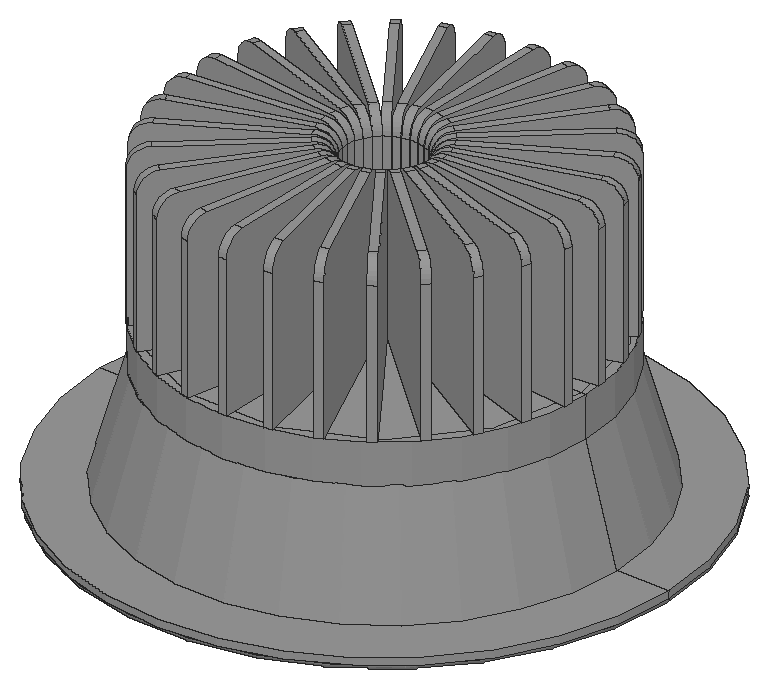
Revit family "WIL2_63_UN_Downlighter_ETK", category Lighting Fixtures, Revit 2017 (continued)
Definition of nested family "WIL.2 - Lightsource"
  Types (8, lengths in mm): name | Wattage Comments | Wattage | built-in parameter 1150134 | Photometric Web File | built-in parameter 1150142 | built-in parameter 1150105 | Lumens | built-in parameter 1150107 | built-in parameter 1150106 | Apparent Load
    WIL.2203.10 - LED 13W / 2020lm / 4000K | "13W" | 13.5989 W | 12 | "WIL.2203.10.ies" | "IESNA:LM-63-2002\r\n[TEST] /2017\r\n[TESTLAB] ies2eulumdat.appspot.com\r\n[ISSUEDATE] 2020-11-13T14:08:07.301\r\n[MANUFAC] www.etk.nl\r\n[LUMCAT] WIL.2203.10\r\n[LUMINAIRE] WIL.2 LED 13W 4000K helder wit DALI??145 IP43\r\n[LAMPCAT] LED\r\n[LAMP] LED\r\nTILT=NONE\r\n1\t1520\t1\t19\t72\t1\t2\t-0.088\t-0.088\t0.001\r\n1.0\t1.0\t13.00\r\n0\t 5\t 10\t 15\t 20\t 25\t 30\t 35\t 40\t 45\r\n50\t 55\t 60\t 65\t 70\t 75\t 80\t 85\t 90\r\n0\t 5\t 10\t 15\t 20\t 25\t 30\t 35\t 40\t 45\r\n50\t 55\t 60\t 65\t 70\t 75\t 80\t 85\t 90\t 95\r\n100\t 105\t 110\t 115\t 120\t 125\t 130\t 135\t 140\t 145\r\n150\t 155\t 160\t 165\t 170\t 175\t 180\t 185\t 190\t 195\r\n200\t 205\t 210\t 215\t 220\t 225\t 230\t 235\t 240\t 245\r\n250\t 255\t 260\t 265\t 270\t 275\t 280\t 285\t 290\t 295\r\n300\t 305\t 310\t 315\t 320\t 325\t 330\t 335\t 340\t 345\r\n350\t 355\r\n1328.8144\t1310.5744\t1254.5016\t1143.6936\t998.032\t907.1664\t741.6536\t619.2632\t490.5952\t218.88\r\n42.1192\t35.2336\t27.6032\t17.8904\t17.0392\t12.7224\t12.5856\t6.9616\t0.3496\r\n1328.8144\t1310.2248\t1253.1336\t1142.3256\t995.98\t904.7648\t742.6416\t620.2968\t492.3736\t224.352\r\n42.0888\t35.2336\t28.044\t18.7416\t17.5256\t12.7224\t13.0264\t7.4024\t0.3496\r\n1328.8144\t1309.8144\t1252.6624\t1141.3224\t995.6304\t902.6672\t743.6448\t623.96\t494.5624\t231.1008\r\n42.5752\t35.2184\t28.5\t18.7416\t17.4648\t13.0872\t12.1144\t7.4024\t0.3496\r\n1328.8144\t1310.2248\t1253.1944\t1140.7904\t994.7336\t903.4576\t745.484\t627.9576\t497.3592\t236.9984\r\n42.5296\t35.6896\t28.88\t19.1064\t17.0392\t13.148\t12.1144\t7.4024\t0.3496\r\n1328.8144\t1310.1184\t1252.3128\t1138.9056\t994.384\t903.412\t747.3992\t630.9216\t496.8728\t239.932\r\n42.9856\t35.644\t28.424\t18.6808\t17.5256\t13.0872\t13.0264\t7.8736\t0.3496\r\n1328.8144\t1309.8296\t1252.7688\t1139.4224\t993.5632\t904.5064\t750.6368\t633.8856\t497.4048\t243.6864\r\n42.9856\t36.5712\t28.804\t18.6808\t17.4648\t13.528\t12.9656\t7.4024\t0.3496\r\n1328.8144\t1310.164\t1252.8296\t1138.9056\t994.9768\t906.3608\t752.0808\t636.5152\t497.8608\t247.9576\r\n43.472\t36.5712\t29.7008\t19.532\t18.5136\t13.528\t13.0264\t7.8432\t0.3496\r\n1328.8144\t1310.2248\t1251.416\t1139.0728\t994.5208\t906.7256\t754.072\t637.6096\t499.2744\t254.2808\r\n43.928\t37.4528\t30.1568\t19.532\t18.4528\t13.528\t13.0264\t7.7824\t0.3496\r\n1328.8144\t1310.3008\t1250.504\t1138.556\t995.3264\t909.1576\t755.4552\t637.2904\t499.2744\t258.856\r\n44.384\t37.9088\t31.4336\t19.8968\t17.4648\t13.5128\t13.4368\t7.8432\t0.3496\r\n1328.8144\t1310.2704\t1250.58\t1138.556\t996.1776\t910.6472\t755.4552\t637.3512\t500.1712\t262.6712\r\n44.8704\t37.9088\t31.4336\t19.9576\t17.9664\t13.9536\t12.9656\t7.4024\t0.3496\r\n1328.8144\t1310.2248\t1250.1544\t1137.6136\t994.5816\t910.3128\t755.9112\t636.88\t502.3904\t268.1128\r\n45.2808\t38.7904\t31.8136\t19.8968\t18.392\t13.9536\t13.4672\t7.4024\t0.3496\r\n1328.8144\t1310.2248\t1249.212\t1137.0968\t993.7608\t911.4224\t757.2944\t638.8104\t504.6096\t274.0104\r\n45.2808\t39.2464\t32.2544\t20.3224\t18.4528\t14.364\t13.4216\t7.4024\t0.2584\r\n1328.8144\t1310.7568\t1249.6832\t1137.188\t994.5208\t913.1552\t759.62\t639.0688\t505.0656\t276.564\r\n46.2232\t39.292\t32.7104\t20.3224\t18.4528\t14.364\t13.8776\t7.8432\t0.3496\r\n1328.8144\t1310.7568\t1248.8016\t1136.656\t996.588\t912.8056\t760.4712\t639.844\t505.5064\t279.9536\r\n46.2232\t39.2464\t32.7104\t20.3224\t18.9392\t13.9536\t13.8776\t7.7824\t0.3496\r\n1328.8144\t1310.3008\t1247.4336\t1135.7288\t995.8128\t913.5504\t762.3256\t640.224\t505.0048\t282.4008\r\n46.2232\t40.1736\t33.1512\t20.748\t18.9392\t13.9536\t13.8776\t8.2536\t0.3496\r\n1328.8144\t1310.3312\t1247.844\t1135.7288\t995.4024\t915.6176\t762.8424\t638.704\t504.564\t285.7904\r\n46.6336\t39.7024\t33.5312\t20.6872\t18.9392\t13.9536\t13.8776\t8.2536\t0.3496\r\n1328.8144\t1311.988\t1247.4944\t1134.2848\t994.6424\t915.5568\t761.7936\t637.2296\t503.2264\t285.7296\r\n46.6336\t40.584\t33.0904\t20.748\t18.9392\t13.9536\t14.2728\t8.2536\t0.3496\r\n1328.8144\t1311.1064\t1245.64\t1131.8984\t994.6424\t916.6056\t761.3984\t636.1352\t503.1808\t286.5504\r\n46.6336\t40.1128\t33.5312\t20.748\t19.4256\t14.8048\t14.3184\t8.2536\t0.3496\r\n1328.8144\t1312.8696\t1245.2752\t1131.0472\t994.2928\t916.256\t759.9392\t635.4208\t502.3448\t286.1552\r\n47.576\t40.128\t33.0904\t21.1736\t19.4256\t14.8048\t14.2728\t8.2536\t0.3496\r\n1328.8144\t1311.1064\t1245.64\t1131.8984\t994.6424\t916.6056\t761.3984\t636.1352\t503.1808\t286.5504\r\n46.6336\t40.1128\t33.5312\t20.748\t19.4256\t14.8048\t14.3184\t8.2536\t0.3496\r\n1328.8144\t1311.988\t1247.4944\t1134.2848\t994.6424\t915.5568\t761.7936\t637.2296\t503.2264\t285.7296\r\n46.6336\t40.584\t33.0904\t20.748\t18.9392\t13.9536\t14.2728\t8.2536\t0.3496\r\n1328.8144\t1310.3312\t1247.844\t1135.7288\t995.4024\t915.6176\t762.8424\t638.704\t504.564\t285.7904\r\n46.6336\t39.7024\t33.5312\t20.6872\t18.9392\t13.9536\t13.8776\t8.2536\t0.3496\r\n1328.8144\t1310.3008\t1247.4336\t1135.7288\t995.8128\t913.5504\t762.3256\t640.224\t505.0048\t282.4008\r\n46.2232\t40.1736\t33.1512\t20.748\t18.9392\t13.9536\t13.8776\t8.2536\t0.3496\r\n1328.8144\t1310.7568\t1248.8016\t1136.656\t996.588\t912.8056\t760.4712\t639.844\t505.5064\t279.9536\r\n46.2232\t39.2464\t32.7104\t20.3224\t18.9392\t13.9536\t13.8776\t7.7824\t0.3496\r\n1328.8144\t1310.7568\t1249.6832\t1137.188\t994.5208\t913.1552\t759.62\t639.0688\t505.0656\t276.564\r\n46.2232\t39.292\t32.7104\t20.3224\t18.4528\t14.364\t13.8776\t7.8432\t0.3496\r\n1328.8144\t1310.2248\t1249.212\t1137.0968\t993.7608\t911.4224\t757.2944\t638.8104\t504.6096\t274.0104\r\n45.2808\t39.2464\t32.2544\t20.3224\t18.4528\t14.364\t13.4216\t7.4024\t0.2584\r\n1328.8144\t1310.2248\t1250.1544\t1137.6136\t994.5816\t910.3128\t755.9112\t636.88\t502.3904\t268.1128\r\n45.2808\t38.7904\t31.8136\t19.8968\t18.392\t13.9536\t13.4672\t7.4024\t0.3496\r\n1328.8144\t1310.2704\t1250.58\t1138.556\t996.1776\t910.6472\t755.4552\t637.3512\t500.1712\t262.6712\r\n44.8704\t37.9088\t31.4336\t19.9576\t17.9664\t13.9536\t12.9656\t7.4024\t0.3496\r\n1328.8144\t1310.3008\t1250.504\t1138.556\t995.3264\t909.1576\t755.4552\t637.2904\t499.2744\t258.856\r\n44.384\t37.9088\t31.4336\t19.8968\t17.4648\t13.5128\t13.4368\t7.8432\t0.3496\r\n1328.8144\t1310.2248\t1251.416\t1139.0728\t994.5208\t906.7256\t754.072\t637.6096\t499.2744\t254.2808\r\n43.928\t37.4528\t30.1568\t19.532\t18.4528\t13.528\t13.0264\t7.7824\t0.3496\r\n1328.8144\t1310.164\t1252.8296\t1138.9056\t994.9768\t906.3608\t752.0808\t636.5152\t497.8608\t247.9576\r\n43.472\t36.5712\t29.7008\t19.532\t18.5136\t13.528\t13.0264\t7.8432\t0.3496\r\n1328.8144\t1309.8296\t1252.7688\t1139.4224\t993.5632\t904.5064\t750.6368\t633.8856\t497.4048\t243.6864\r\n42.9856\t36.5712\t28.804\t18.6808\t17.4648\t13.528\t12.9656\t7.4024\t0.3496\r\n1328.8144\t1310.1184\t1252.3128\t1138.9056\t994.384\t903.412\t747.3992\t630.9216\t496.8728\t239.932\r\n42.9856\t35.644\t28.424\t18.6808\t17.5256\t13.0872\t13.0264\t7.8736\t0.3496\r\n1328.8144\t1310.2248\t1253.1944\t1140.7904\t994.7336\t903.4576\t745.484\t627.9576\t497.3592\t236.9984\r\n42.5296\t35.6896\t28.88\t19.1064\t17.0392\t13.148\t12.1144\t7.4024\t0.3496\r\n1328.8144\t1309.8144\t1252.6624\t1141.3224\t995.6304\t902.6672\t743.6448\t623.96\t494.5624\t231.1008\r\n42.5752\t35.2184\t28.5\t18.7416\t17.4648\t13.0872\t12.1144\t7.4024\t0.3496\r\n1328.8144\t1310.2248\t1253.1336\t1142.3256\t995.98\t904.7648\t742.6416\t620.2968\t492.3736\t224.352\r\n42.0888\t35.2336\t28.044\t18.7416\t17.5256\t12.7224\t13.0264\t7.4024\t0.3496\r\n1328.8144\t1310.5744\t1254.5016\t1143.6936\t998.032\t907.1664\t741.6536\t619.2632\t490.5952\t218.88\r\n42.1192\t35.2336\t27.6032\t17.8904\t17.0392\t12.7224\t12.5856\t6.9616\t0.3496\r\n1328.8144\t1310.2248\t1253.1336\t1142.3256\t995.98\t904.7648\t742.6416\t620.2968\t492.3736\t224.352\r\n42.0888\t35.2336\t28.044\t18.7416\t17.5256\t12.7224\t13.0264\t7.4024\t0.3496\r\n1328.8144\t1309.8144\t1252.6624\t1141.3224\t995.6304\t902.6672\t743.6448\t623.96\t494.5624\t231.1008\r\n42.5752\t35.2184\t28.5\t18.7416\t17.4648\t13.0872\t12.1144\t7.4024\t0.3496\r\n1328.8144\t1310.2248\t1253.1944\t1140.7904\t994.7336\t903.4576\t745.484\t627.9576\t497.3592\t236.9984\r\n42.5296\t35.6896\t28.88\t19.1064\t17.0392\t13.148\t12.1144\t7.4024\t0.3496\r\n1328.8144\t1310.1184\t1252.3128\t1138.9056\t994.384\t903.412\t747.3992\t630.9216\t496.8728\t239.932\r\n42.9856\t35.644\t28.424\t18.6808\t17.5256\t13.0872\t13.0264\t7.8736\t0.3496\r\n1328.8144\t1309.8296\t1252.7688\t1139.4224\t993.5632\t904.5064\t750.6368\t633.8856\t497.4048\t243.6864\r\n42.9856\t36.5712\t28.804\t18.6808\t17.4648\t13.528\t12.9656\t7.4024\t0.3496\r\n1328.8144\t1310.164\t1252.8296\t1138.9056\t994.9768\t906.3608\t752.0808\t636.5152\t497.8608\t247.9576\r\n43.472\t36.5712\t29.7008\t19.532\t18.5136\t13.528\t13.0264\t7.8432\t0.3496\r\n1328.8144\t1310.2248\t1251.416\t1139.0728\t994.5208\t906.7256\t754.072\t637.6096\t499.2744\t254.2808\r\n43.928\t37.4528\t30.1568\t19.532\t18.4528\t13.528\t13.0264\t7.7824\t0.3496\r\n1328.8144\t1310.3008\t1250.504\t1138.556\t995.3264\t909.1576\t755.4552\t637.2904\t499.2744\t258.856\r\n44.384\t37.9088\t31.4336\t19.8968\t17.4648\t13.5128\t13.4368\t7.8432\t0.3496\r\n1328.8144\t1310.2704\t1250.58\t1138.556\t996.1776\t910.6472\t755.4552\t637.3512\t500.1712\t262.6712\r\n44.8704\t37.9088\t31.4336\t19.9576\t17.9664\t13.9536\t12.9656\t7.4024\t0.3496\r\n1328.8144\t1310.2248\t1250.1544\t1137.6136\t994.5816\t910.3128\t755.9112\t636.88\t502.3904\t268.1128\r\n45.2808\t38.7904\t31.8136\t19.8968\t18.392\t13.9536\t13.4672\t7.4024\t0.3496\r\n1328.8144\t1310.2248\t1249.212\t1137.0968\t993.7608\t911.4224\t757.2944\t638.8104\t504.6096\t274.0104\r\n45.2808\t39.2464\t32.2544\t20.3224\t18.4528\t14.364\t13.4216\t7.4024\t0.2584\r\n1328.8144\t1310.7568\t1249.6832\t1137.188\t994.5208\t913.1552\t759.62\t639.0688\t505.0656\t276.564\r\n46.2232\t39.292\t32.7104\t20.3224\t18.4528\t14.364\t13.8776\t7.8432\t0.3496\r\n1328.8144\t1310.7568\t1248.8016\t1136.656\t996.588\t912.8056\t760.4712\t639.844\t505.5064\t279.9536\r\n46.2232\t39.2464\t32.7104\t20.3224\t18.9392\t13.9536\t13.8776\t7.7824\t0.3496\r\n1328.8144\t1310.3008\t1247.4336\t1135.7288\t995.8128\t913.5504\t762.3256\t640.224\t505.0048\t282.4008\r\n46.2232\t40.1736\t33.1512\t20.748\t18.9392\t13.9536\t13.8776\t8.2536\t0.3496\r\n1328.8144\t1310.3312\t1247.844\t1135.7288\t995.4024\t915.6176\t762.8424\t638.704\t504.564\t285.7904\r\n46.6336\t39.7024\t33.5312\t20.6872\t18.9392\t13.9536\t13.8776\t8.2536\t0.3496\r\n1328.8144\t1311.988\t1247.4944\t1134.2848\t994.6424\t915.5568\t761.7936\t637.2296\t503.2264\t285.7296\r\n46.6336\t40.584\t33.0904\t20.748\t18.9392\t13.9536\t14.2728\t8.2536\t0.3496\r\n1328.8144\t1311.1064\t1245.64\t1131.8984\t994.6424\t916.6056\t761.3984\t636.1352\t503.1808\t286.5504\r\n46.6336\t40.1128\t33.5312\t20.748\t19.4256\t14.8048\t14.3184\t8.2536\t0.3496\r\n1328.8144\t1312.8696\t1245.2752\t1131.0472\t994.2928\t916.256\t759.9392\t635.4208\t502.3448\t286.1552\r\n47.576\t40.128\t33.0904\t21.1736\t19.4256\t14.8048\t14.2728\t8.2536\t0.3496\r\n1328.8144\t1311.1064\t1245.64\t1131.8984\t994.6424\t916.6056\t761.3984\t636.1352\t503.1808\t286.5504\r\n46.6336\t40.1128\t33.5312\t20.748\t19.4256\t14.8048\t14.3184\t8.2536\t0.3496\r\n1328.8144\t1311.988\t1247.4944\t1134.2848\t994.6424\t915.5568\t761.7936\t637.2296\t503.2264\t285.7296\r\n46.6336\t40.584\t33.0904\t20.748\t18.9392\t13.9536\t14.2728\t8.2536\t0.3496\r\n1328.8144\t1310.3312\t1247.844\t1135.7288\t995.4024\t915.6176\t762.8424\t638.704\t504.564\t285.7904\r\n46.6336\t39.7024\t33.5312\t20.6872\t18.9392\t13.9536\t13.8776\t8.2536\t0.3496\r\n1328.8144\t1310.3008\t1247.4336\t1135.7288\t995.8128\t913.5504\t762.3256\t640.224\t505.0048\t282.4008\r\n46.2232\t40.1736\t33.1512\t20.748\t18.9392\t13.9536\t13.8776\t8.2536\t0.3496\r\n1328.8144\t1310.7568\t1248.8016\t1136.656\t996.588\t912.8056\t760.4712\t639.844\t505.5064\t279.9536\r\n46.2232\t39.2464\t32.7104\t20.3224\t18.9392\t13.9536\t13.8776\t7.7824\t0.3496\r\n1328.8144\t1310.7568\t1249.6832\t1137.188\t994.5208\t913.1552\t759.62\t639.0688\t505.0656\t276.564\r\n46.2232\t39.292\t32.7104\t20.3224\t18.4528\t14.364\t13.8776\t7.8432\t0.3496\r\n1328.8144\t1310.2248\t1249.212\t1137.0968\t993.7608\t911.4224\t757.2944\t638.8104\t504.6096\t274.0104\r\n45.2808\t39.2464\t32.2544\t20.3224\t18.4528\t14.364\t13.4216\t7.4024\t0.2584\r\n1328.8144\t1310.2248\t1250.1544\t1137.6136\t994.5816\t910.3128\t755.9112\t636.88\t502.3904\t268.1128\r\n45.2808\t38.7904\t31.8136\t19.8968\t18.392\t13.9536\t13.4672\t7.4024\t0.3496\r\n1328.8144\t1310.2704\t1250.58\t1138.556\t996.1776\t910.6472\t755.4552\t637.3512\t500.1712\t262.6712\r\n44.8704\t37.9088\t31.4336\t19.9576\t17.9664\t13.9536\t12.9656\t7.4024\t0.3496\r\n1328.8144\t1310.3008\t1250.504\t1138.556\t995.3264\t909.1576\t755.4552\t637.2904\t499.2744\t258.856\r\n44.384\t37.9088\t31.4336\t19.8968\t17.4648\t13.5128\t13.4368\t7.8432\t0.3496\r\n1328.8144\t1310.2248\t1251.416\t1139.0728\t994.5208\t906.7256\t754.072\t637.6096\t499.2744\t254.2808\r\n43.928\t37.4528\t30.1568\t19.532\t18.4528\t13.528\t13.0264\t7.7824\t0.3496\r\n1328.8144\t1310.164\t1252.8296\t1138.9056\t994.9768\t906.3608\t752.0808\t636.5152\t497.8608\t247.9576\r\n43.472\t36.5712\t29.7008\t19.532\t18.5136\t13.528\t13.0264\t7.8432\t0.3496\r\n1328.8144\t1309.8296\t1252.7688\t1139.4224\t993.5632\t904.5064\t750.6368\t633.8856\t497.4048\t243.6864\r\n42.9856\t36.5712\t28.804\t18.6808\t17.4648\t13.528\t12.9656\t7.4024\t0.3496\r\n1328.8144\t1310.1184\t1252.3128\t1138.9056\t994.384\t903.412\t747.3992\t630.9216\t496.8728\t239.932\r\n42.9856\t35.644\t28.424\t18.6808\t17.5256\t13.0872\t13.0264\t7.8736\t0.3496\r\n1328.8144\t1310.2248\t1253.1944\t1140.7904\t994.7336\t903.4576\t745.484\t627.9576\t497.3592\t236.9984\r\n42.5296\t35.6896\t28.88\t19.1064\t17.0392\t13.148\t12.1144\t7.4024\t0.3496\r\n1328.8144\t1309.8144\t1252.6624\t1141.3224\t995.6304\t902.6672\t743.6448\t623.96\t494.5624\t231.1008\r\n42.5752\t35.2184\t28.5\t18.7416\t17.4648\t13.0872\t12.1144\t7.4024\t0.3496\r\n1328.8144\t1310.2248\t1253.1336\t1142.3256\t995.98\t904.7648\t742.6416\t620.2968\t492.3736\t224.352\r\n42.0888\t35.2336\t28.044\t18.7416\t17.5256\t12.7224\t13.0264\t7.4024\t0.3496" | 3348.3 (stored number, unit not read) | 2020 lm | 4000 (stored number, unit not read) | 33.483 (stored number, unit not read) | 13 VA
